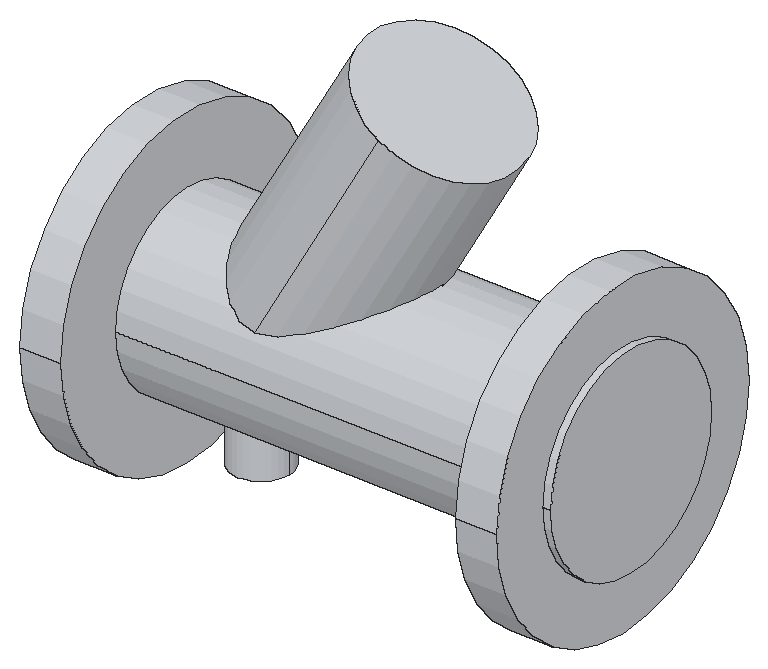
Revit family "HS 821-síto_jemné-PN16-DN065-RFA_2019", category Pipe Accessories, Revit 2019
Family settings
  Round Connector Dimension = Use Diameter
  Part Type = Breaks Into
  Work Plane-Based = No
  Always vertical = Yes
  Cut with Voids When Loaded = No
  Shared = No
Parameters (values of type "821A-DN065-PN16-síto_jemné")
  magiProductId = "235b1b3e4c0843779a4d5e3716d40a"
  magiProductFamilyId = "79214ac3aaa945e397802f559f5c1e"
  magiPartTypeId = 307
  isMeasuringValve [instance] = no
  ang2D [instance] = 0.00°
  ZB__ve = -ZB  # -29.75 mm
  ZB1 = 47.79 mm
  ZB = 29.75 mm
  X2 = 86.927 mm
  X1 = 40.6 mm
  W2D = 15 mm
  VersionID = "2.0/2017.9.26.1/ZETKAMA_821_001"
  Use Minimum Symbol Size [instance] = yes
  URL = "www.hydronix.cz"
  Type Comments = "Filtr přírubový; síto jemné; A-PN16 (-10~300°C); D-PN25 (-10~350°C); F-PN40 (-10~400°C)"
  S = 118 mm
  QmdConnectorList = "301;D;302;D"
  Productdata [instance] = ""
  Manufacturer = "Hydronix"
  MC Product Code = "210 165 (821A; DN065; PN16; kvs95,1; oko síta 0,63mm)"
  LM1 = 23.2 mm
  LM = 232 mm
  L4 = 72.5 mm
  L2D_Min = 3048 mm
  L2D = 130 mm
  L2 = 145 mm
  HH2 = 150.562 mm
  FD = 185 mm
  Description = "Filtr přírubový; síto jemné; 821A-PN16; 821D-PN25; 821F-PN40"
  DM1 = 94.2 mm
  DM = 106.2 mm
  D = 65 mm
  CC = 4.93 mm
  CAT0 = yes
  C1 = 24.07 mm
  C = 29 mm
  BD = 33.453 mm
Types (40, lengths in mm): name | magiProductId | ZB__ve | ZB1 | ZB | X2 | X1 | S | MC Product Code | LM1 | LM | L4 | L2 | HH2 | FD | DM1 | DM | D | CC | C1 | C | BD
  821A-DN015-PN16-síto_jemné | "a71bcfe8b393460598b23e8ddf7dc5" | -16.25 | 18.63 | 16.25 | 46.982 | 18.2 | 46 | "210 115 (821A; DN015; PN16; kvs6,2; oko síta 0,63mm)" | 10.4 | 104 | 32.5 | 65 | 81.375 | 95 | 27.6 | 41.4 | 15 | 2.21 | 10.79 | 13 | 13.041
  821A-DN020-PN16-síto_jemné | "41cd6c7a12924f4991217528336076" | -17.75 | 22.68 | 17.75 | 51.673 | 21 | 56 | "210 120 (821A; DN020; PN16; kvs9,6; oko síta 0,63mm)" | 12 | 120 | 37.5 | 75 | 89.5 | 105 | 33.6 | 50.4 | 20 | 2.55 | 12.45 | 15 | 15.876
  821A-DN025-PN16-síto_jemné | "be378b463ed14c3abf4c9b3ae8cf3a" | -19.25 | 26.325 | 19.25 | 58.601 | 22.4 | 65 | "210 125 (821A; DN025; PN16; kvs14,2; oko síta 0,63mm)" | 12.8 | 128 | 40 | 80 | 101.5 | 115 | 43.2 | 58.5 | 25 | 2.72 | 13.28 | 16 | 18.427
  821A-DN032-PN16-síto_jemné | "227a0d18b21540afabe8b6067d35fa" | -23 | 30.78 | 23 | 68.849 | 25.2 | 76 | "210 132 (821A; DN032; PN16; kvs23,1; oko síta 0,63mm)" | 14.4 | 144 | 45 | 90 | 119.25 | 140 | 50.4 | 68.4 | 32 | 3.06 | 14.94 | 18 | 21.546
  821A-DN040-PN16-síto_jemné | "d106917c74724141a10440112d0102" | -24.5 | 34.02 | 24.5 | 75.777 | 28 | 84 | "210 140 (821A; DN040; PN16; kvs36,6; oko síta 0,63mm)" | 16 | 160 | 50 | 100 | 131.25 | 150 | 60 | 75.6 | 40 | 3.4 | 16.6 | 20 | 23.814
  821A-DN050-PN16-síto_jemné | "8255d456a09e4f6486734f5dd9171b" | -26.75 | 40.095 | 26.75 | 79.061 | 32.2 | 99 | "210 150 (821A; DN050 PN16; kvs53,7; oko síta 0,63mm)" | 18.4 | 184 | 57.5 | 115 | 136.938 | 165 | 73.8 | 89.1 | 50 | 3.91 | 19.09 | 23 | 28.066
  821A-DN065-PN16-síto_jemné | "235b1b3e4c0843779a4d5e3716d40a" | -29.75 | 47.79 | 29.75 | 86.927 | 40.6 | 118 | "210 165 (821A; DN065; PN16; kvs95,1; oko síta 0,63mm)" | 23.2 | 232 | 72.5 | 145 | 150.562 | 185 | 94.2 | 106.2 | 65 | 4.93 | 24.07 | 29 | 33.453
  821A-DN080-PN16-síto_jemné | "a067f7c5236348ed8c820d16df7214" | -32 | 53.46 | 32 | 104.753 | 43.4 | 132 | "210 180 (821A; DN080; PN16; kvs137,1; oko síta 0,63mm)" | 24.8 | 248 | 77.5 | 155 | 181.438 | 200 | 107.4 | 118.8 | 80 | 5.27 | 25.73 | 31 | 37.422
  821A-DN100-PN16-síto_jemné | "c49a648c2747461285837d643703cd" | -35 | 63.18 | 35 | 114.857 | 49 | 156 | "210 190 (821A; DN100; PN16; kvs206,4; oko síta 0,63mm)" | 28 | 280 | 87.5 | 175 | 198.937 | 220 | 131.4 | 140.4 | 100 | 5.95 | 29.05 | 35 | 44.226
  821A-DN125-PN16-síto_jemné | "bf68e728a163493cbd2a663b26ebdc" | -39.5 | 74.52 | 39.5 | 131.888 | 56 | 184 | "210 191 (821A; DN125; PN16; kvs268,8; oko síta 0,63mm)" | 32 | 320 | 100 | 200 | 228.438 | 250 | 165 | 165.6 | 125 | 6.8 | 33.2 | 40 | 52.164
  821A-DN150-PN16-síto_jemné | "2de770284b654863ae6bc865769dc5" | -44.75 | 85.455 | 44.75 | 155.885 | 67.2 | 211 | "210 192 (821A; DN150; PN16; kvs401,4; oko síta 0,63mm)" | 38.4 | 384 | 120 | 240 | 270 | 285 | 192 | 189.9 | 150 | 8.16 | 39.84 | 48 | 59.818
  821A-DN200-PN16-síto_jemné | "8e5693371ab64aabb29a7f08c76e15" | -53 | 107.73 | 53 | 188.361 | 84 | 266 | "210 193 (821A; DN200; PN16; kvs706,7; oko síta 0,63mm)" | 48 | 480 | 150 | 300 | 326.25 | 340 | 252 | 239.4 | 200 | 10.2 | 49.8 | 60 | 75.411
  821A-DN250-PN16-síto_jemné | "05e37ed948c34047acdd4c42556504" | -62.75 | 129.195 | 62.75 | 255.911 | 102.2 | 319 | "210 194 (821A; DN250; PN16; kvs1229,4; oko síta 0,63mm)" | 58.4 | 584 | 182.5 | 365 | 443.25 | 405 | 309.6 | 287.1 | 250 | 12.41 | 60.59 | 73 | 90.436
  821A-DN300-PN16-síto_jemné | "9ad0af747269428da925480d83ce80" | -71 | 149.85 | 71 | 325.914 | 119 | 370 | "210 195 (821A; DN300; PN16; kvs1902,4; oko síta 0,63mm)" | 68 | 680 | 212.5 | 425 | 564.5 | 460 | 369.6 | 333 | 300 | 14.45 | 70.55 | 85 | 104.895
  821A-DN350-PN16-síto_jemné | "eebc71459bb3451bb4355e7951370a" | -80 | 173.745 | 80 | 356.875 | 137.2 | 429 | "200 196 (821A; DN350; PN16; kvs2611,0; oko síta 0,63mm)" | 78.4 | 784 | 245 | 490 | 618.125 | 520 | 438 | 386.1 | 350 | 16.66 | 81.34 | 98 | 121.621
  821A-DN400-PN16-síto_jemné | "d2f677cb196647e385b2590e7d8abe" | -89 | 194.4 | 89 | 392.237 | 154 | 480 | "210 197 (821A; DN400; PN16; kvs3438,4; oko síta 0,63mm)" | 88 | 880 | 275 | 550 | 679.375 | 580 | 498 | 432 | 400 | 18.7 | 91.3 | 110 | 136.08
  821D-DN015-PN25-síto_jemné | "27ddcbf555414f8ca1fde329bf9087" | -16.25 | 18.63 | 16.25 | 46.982 | 18.2 | 46 | "210 215 (821D; DN015; PN25; kvs6,2; oko síta 0,63mm)" | 10.4 | 104 | 32.5 | 65 | 81.375 | 95 | 27.6 | 41.4 | 15 | 2.21 | 10.79 | 13 | 13.041
  821D-DN020-PN25-síto_jemné | "270e0f14012f47189cd0235c18faee" | -17.75 | 22.68 | 17.75 | 51.673 | 21 | 56 | "210 220 (821D; DN020; PN25; kvs9,6; oko síta 0,63mm)" | 12 | 120 | 37.5 | 75 | 89.5 | 105 | 33.6 | 50.4 | 20 | 2.55 | 12.45 | 15 | 15.876
  821D-DN025-PN25-síto_jemné | "b9a7fb4aa36643878c637d8e1ab992" | -19.25 | 26.325 | 19.25 | 58.601 | 22.4 | 65 | "210 225 (821D; DN025; PN25; kvs14,2; oko síta 0,63mm)" | 12.8 | 128 | 40 | 80 | 101.5 | 115 | 43.2 | 58.5 | 25 | 2.72 | 13.28 | 16 | 18.427
  821D-DN032-PN25-síto_jemné | "6be9a55c4e68400f94eec7e804204c" | -23 | 30.78 | 23 | 68.849 | 25.2 | 76 | "210 232 (821D; DN032; PN25; kvs23,1; oko síta 0,63mm)" | 14.4 | 144 | 45 | 90 | 119.25 | 140 | 50.4 | 68.4 | 32 | 3.06 | 14.94 | 18 | 21.546
  821D-DN040-PN25-síto_jemné | "c54511bd7f584ec2984291479612cb" | -24.5 | 34.02 | 24.5 | 75.777 | 28 | 84 | "210 240 (821D; DN040; PN25; kvs36,6; oko síta 0,63mm)" | 16 | 160 | 50 | 100 | 131.25 | 150 | 60 | 75.6 | 40 | 3.4 | 16.6 | 20 | 23.814
  821D-DN050-PN25-síto_jemné | "5483b1f596b04cd39b23a14a22c90e" | -26.75 | 40.095 | 26.75 | 79.061 | 32.2 | 99 | "210 250 (821D; DN050; PN25; kvs53,7; oko síta 0,63mm)" | 18.4 | 184 | 57.5 | 115 | 136.938 | 165 | 73.8 | 89.1 | 50 | 3.91 | 19.09 | 23 | 28.066
  821D-DN065-PN25-síto_jemné | "767b0f8318e94750bc7a9930ed5b30" | -29.75 | 47.79 | 29.75 | 86.927 | 40.6 | 118 | "210 265 (821D; DN065; PN25; kvs95,1; oko síta 0,63mm)" | 23.2 | 232 | 72.5 | 145 | 150.562 | 185 | 94.2 | 106.2 | 65 | 4.93 | 24.07 | 29 | 33.453
  821D-DN080-PN25-síto_jemné | "e21040fa3cc2404b858198f6b73709" | -32 | 53.46 | 32 | 104.753 | 43.4 | 132 | "210 280 (821D; DN080; PN25; kvs137,1; oko síta 0,63mm)" | 24.8 | 248 | 77.5 | 155 | 181.438 | 200 | 107.4 | 118.8 | 80 | 5.27 | 25.73 | 31 | 37.422
  821D-DN100-PN25-síto_jemné | "175ca87a506b40b3bc6b82f12f33cf" | -37.25 | 63.18 | 37.25 | 114.857 | 49 | 156 | "210 290 (821D; DN100; PN25; kvs206,4; oko síta 0,63mm)" | 28 | 280 | 87.5 | 175 | 198.937 | 235 | 131.4 | 140.4 | 100 | 5.95 | 29.05 | 35 | 44.226
  821D-DN125-PN25-síto_jemné | "77cc98d60da24855999a22dff726b2" | -42.5 | 74.52 | 42.5 | 131.888 | 56 | 184 | "210 291 (821D; DN125; PN25; kvs268,8; oko síta 0,63mm)" | 32 | 320 | 100 | 200 | 228.438 | 270 | 165 | 165.6 | 125 | 6.8 | 33.2 | 40 | 52.164
  821D-DN150-PN25-síto_jemné | "9cf8acfcd15547d68e83172d3abcbe" | -47 | 85.455 | 47 | 155.885 | 67.2 | 211 | "210 292 (821D; DN150; PN25; kvs401,4; oko síta 0,63mm)" | 38.4 | 384 | 120 | 240 | 270 | 300 | 192 | 189.9 | 150 | 8.16 | 39.84 | 48 | 59.818
  821D-DN200-PN25-síto_jemné | "16973f3c9ea14389ba8602495a6b64" | -56 | 110.97 | 56 | 188.361 | 84 | 274 | "210 293 (821D; DN200; PN25; kvs706,7; oko síta 0,63mm)" | 48 | 480 | 150 | 300 | 326.25 | 360 | 252 | 246.6 | 200 | 10.2 | 49.8 | 60 | 77.679
  821F-DN015-PN40-síto_jemné | "4c7eaf3c4c0340888b3e684d8a8616" | -16.25 | 18.225 | 16.25 | 46.982 | 18.2 | 45 | "250 615 (821F; DN015; PN40; kvs6,2; oko síta 0,63mm)" | 10.4 | 104 | 32.5 | 65 | 81.375 | 95 | 27.6 | 40.5 | 15 | 2.21 | 10.79 | 13 | 12.757
  821F-DN020-PN40-síto_jemné | "aaac5f1ec96b44d6ba96ac2293d66d" | -17.75 | 23.49 | 17.75 | 51.673 | 21 | 58 | "250 620 (821F; DN020; PN40; kvs9,6; oko síta 0,63mm)" | 12 | 120 | 37.5 | 75 | 89.5 | 105 | 33.6 | 52.2 | 20 | 2.55 | 12.45 | 15 | 16.443
  821F-DN025-PN40-síto_jemné | "504768023968471481789485b54c7e" | -19.25 | 27.54 | 19.25 | 58.601 | 22.4 | 68 | "250 625 (821F; DN025; PN40; kvs14,2; oko síta 0,63mm)" | 12.8 | 128 | 40 | 80 | 101.5 | 115 | 43.2 | 61.2 | 25 | 2.72 | 13.28 | 16 | 19.278
  821F-DN032-PN40-síto_jemné | "165e7f39cf744f329bdf1c400dad12" | -23 | 31.59 | 23 | 68.849 | 25.2 | 78 | "250 632 (821F; DN032; PN40; kvs23,1; oko síta 0,63mm)" | 14.4 | 144 | 45 | 90 | 119.25 | 140 | 50.4 | 70.2 | 32 | 3.06 | 14.94 | 18 | 22.113
  821F-DN040-PN40-síto_jemné | "b8903f952089408fbf3a5a632bab1f" | -24.5 | 35.64 | 24.5 | 75.777 | 28 | 88 | "250 640 (821F; DN040; PN40; kvs36,6; oko síta 0,63mm)" | 16 | 160 | 50 | 100 | 131.25 | 150 | 60 | 79.2 | 40 | 3.4 | 16.6 | 20 | 24.948
  821F-DN050-PN40-síto_jemné | "c451f97266fe48da8f879cb6a2bd44" | -26.75 | 41.31 | 26.75 | 79.061 | 32.2 | 102 | "250 650 (821F; DN050; PN40; kvs53,7; oko síta 0,63mm)" | 18.4 | 184 | 57.5 | 115 | 136.938 | 165 | 73.8 | 91.8 | 50 | 3.91 | 19.09 | 23 | 28.917
  821F-DN065-PN40-síto_jemné | "dc9821e3f9b34e128f6a8c6b34c198" | -29.75 | 49.41 | 29.75 | 86.927 | 40.6 | 122 | "250 665 (821F; DN065; PN40; kvs95,1; oko síta 0,63mm)" | 23.2 | 232 | 72.5 | 145 | 150.562 | 185 | 94.2 | 109.8 | 65 | 4.93 | 24.07 | 29 | 34.587
  821F-DN080-PN40-síto_jemné | "689aa1e260f84cf4994f027a1d86b5" | -32 | 55.89 | 32 | 104.753 | 43.4 | 138 | "250 680 (821F; DN080; PN40; kvs137,1; oko síta 0,63mm)" | 24.8 | 248 | 77.5 | 155 | 181.438 | 200 | 107.4 | 124.2 | 80 | 5.27 | 25.73 | 31 | 39.123
  821F-DN100-PN40-síto_jemné | "8a45d4e8e2ab425f8c432f21d684f3" | -37.25 | 65.61 | 37.25 | 114.857 | 49 | 162 | "250 690 (821F; DN100; PN40; kvs206,4; oko síta 0,63mm)" | 28 | 280 | 87.5 | 175 | 198.937 | 235 | 131.4 | 145.8 | 100 | 5.95 | 29.05 | 35 | 45.927
  821F-DN125-PN40-síto_jemné | "cf073904c006406b8645afa67ea2fc" | -42.5 | 76.14 | 42.5 | 131.888 | 56 | 188 | "250 691 (821F; DN125; PN40; kvs268,8; oko síta 0,63mm)" | 32 | 320 | 100 | 200 | 228.438 | 270 | 165 | 169.2 | 125 | 6.8 | 33.2 | 40 | 53.298
  821F-DN150-PN40-síto_jemné | "0153b9ddabe14992a630484929fdbc" | -47 | 88.29 | 47 | 155.885 | 67.2 | 218 | "250 692 (821F; DN150; PN40; kvs401,4; oko síta 0,63mm)" | 38.4 | 384 | 120 | 240 | 270 | 300 | 192 | 196.2 | 150 | 8.16 | 39.84 | 48 | 61.803
  821F-DN200-PN40-síto_jemné | "7fb3fc01dd8d42428c203e3f8dd4d5" | -56 | 115.425 | 56 | 188.361 | 84 | 285 | "250 693 (821F; DN200; PN40; kvs706,7; oko síta 0,63mm)" | 48 | 480 | 150 | 300 | 326.25 | 360 | 252 | 256.5 | 200 | 10.2 | 49.8 | 60 | 80.797
Reference planes
  plane 1 "Center (Front/Back)": y = 0
  plane 2 "XYPLANE": z = 0
  plane 3 "Center (Left/Right)": x = 0
  plane 4 "109": x = -92.8
  plane 5 "108": x = 116
  plane 6 "107": x = -116
  plane 7 "105": x = 145
  plane 8 "104": x = -145
  plane 9 "103": y = 0
  plane 10 "102": z = 0
  plane 11 "101": x = -140.07
  plane 12 "100": x = 140.07
  plane 13 "11": x = -52.2
  plane 14 "10": z = 150.562
  plane 15 "9": x = 34.727
  plane 16 "5": z = -47.79
  plane 17 "4": x = -72.5
  plane 18 "1": x = 72.5
Forms (mm)
  Extrusion 1, solid, visible <- "CAT0"
    sketch origin (-116, -750, 0) x (0, 1, 0) y (0, 0, 1)
      loop
        circle (750, 0) r 53.1
    from 0 to 232 <- "LM"
  Extrusion 2, solid
    sketch origin (-145, -750, 0) x (0, 1, 0) y (0, 0, 1)
      loop
        circle (750, 0) r 59
    from 0 to 4.93 <- "CC"
  Extrusion 3, solid
    sketch origin (-140.07, -750, 0) x (0, 1, 0) y (0, 0, 1)
      loop
        circle (750, 0) r 92.5
    from 0 to 24.07 <- "C1"
  Extrusion 4, solid
    sketch origin (116, -750, 0) x (0, 1, 0) y (0, 0, 1)
      loop
        circle (750, 0) r 92.5
    from 0 to 24.07 <- "C1"
  Extrusion 5, solid
    sketch origin (140.07, -750, 0) x (0, 1, 0) y (0, 0, 1)
      loop
        circle (750, 0) r 59
    from 0 to 4.93 <- "CC"
  Sweep 6, solid, visible <- "CAT0"
    path origin (750, 0, 0) x (-1, 0, 0) y (0, 0, 1)
      loop
        line (866, 0) -> (802.2, 0) -> (715.273, 150.562)
    profile origin (-116, 0, 0) x (0, 0, -1) y (0, 1, 0)
      loop
        circle (0, 0) r 47.1
  Extrusion 7, solid, visible <- "CAT0"
    sketch origin (-750, 0, -47.79) x (1, 0, 0) y (0, 1, 0)
      loop
        circle (677.5, 0) r 16.726
    from 0 to -29.75 <- "ZB__ve"
  Extrusion 8, solid, visible <- "CAT0"
    sketch origin (-750, 0, -47.79) x (1, 0, 0) y (0, 1, 0)
      loop
        circle (822.5, 0) r 16.726
    from 0 to -29.75 <- "ZB__ve"
  Extrusion 9, solid, not visible
    sketch origin (145, -750, 0) x (0, 1, 0) y (0, 0, 1)
      loop
        circle (750, 0) r 10
    from 0 to -10
  Extrusion 10, solid, not visible
    sketch origin (-145, -750, 0) x (0, 1, 0) y (0, 0, 1)
      loop
        circle (750, 0) r 10
    from 0 to 10
Lines and regions (mm)
  reference lines, not visible
    curve 1: circle (2, 2, 0) r 1 normal (0, 0, 1)
Dimensions and locks
  plane 1 "Center (Front/Back)" to curve 1 = 2 mm
  "LM1": plane 6 "107" to plane 4 "109"
  "LM": plane 6 "107" to plane 5 "108"
  "C": plane 8 "104" to plane 6 "107"
  "L2": plane 3 "Center (Left/Right)" to plane 7 "105"
  "L2": plane 3 "Center (Left/Right)" to plane 8 "104"
  locked: plane 1 "Center (Front/Back)" to plane 9 "103"
  locked: plane 2 "XYPLANE" to plane 10 "102"
  "CC": plane 8 "104" to plane 11 "101"
  "C1": plane 5 "108" to plane 12 "100"
  "X1": plane 4 "109" to plane 13 "11"
  "HH2": plane 2 "XYPLANE" to plane 14 "10"
  "X2": plane 13 "11" to plane 15 "9"
  "ZB1": plane 2 "XYPLANE" to plane 16 "5"
  "L4": plane 8 "104" to plane 17 "4"
  "L2": plane 17 "4" to plane 18 "1"
  Sweep 6 sketch curve to Sweep 6 sketch curve = 0 mm  (x2)
  "DM": diameter of Extrusion 1 sketch curve
  "S": diameter of Extrusion 2 sketch curve
  "FD": diameter of Extrusion 3 sketch curve
  "FD": diameter of Extrusion 4 sketch curve
  "S": diameter of Extrusion 5 sketch curve
  "DM1": diameter of Sweep 6 sketch curve
  "BD": diameter of Extrusion 7 sketch curve
  "BD": diameter of Extrusion 8 sketch curve
  aligned and locked: level to plane 2 "XYPLANE"
  aligned and locked: Extrusion 1 sketch curve to plane 9 "103"
  aligned and locked: plane 10 "102" to Extrusion 1 sketch curve
  aligned and locked: Extrusion 2 sketch curve to plane 9 "103"
  aligned and locked: plane 10 "102" to Extrusion 2 sketch curve
  aligned and locked: Extrusion 3 sketch curve to plane 9 "103"
  aligned and locked: plane 10 "102" to Extrusion 3 sketch curve
  aligned and locked: Extrusion 4 sketch curve to plane 9 "103"
  aligned and locked: plane 10 "102" to Extrusion 4 sketch curve
  aligned and locked: Extrusion 5 sketch curve to plane 9 "103"
  aligned and locked: plane 10 "102" to Extrusion 5 sketch curve
  aligned and locked: Sweep 6 sketch curve to plane 9 "103"
  aligned and locked: plane 10 "102" to Sweep 6 sketch curve  (x3)
  aligned and locked: plane 6 "107" to Sweep 6 sketch curve
  aligned and locked: plane 13 "11" to Sweep 6 sketch curve
  aligned and locked: plane 14 "10" to Sweep 6 sketch curve
  aligned and locked: plane 15 "9" to Sweep 6 sketch curve
  aligned and locked: plane 9 "103" to Extrusion 7 sketch curve
  aligned and locked: plane 17 "4" to Extrusion 7 sketch curve
  aligned and locked: plane 9 "103" to Extrusion 8 sketch curve
  aligned and locked: plane 18 "1" to Extrusion 8 sketch curve
  aligned and locked: Extrusion 9 sketch curve to plane 9 "103"
  aligned and locked: plane 10 "102" to Extrusion 9 sketch curve
  aligned and locked: Extrusion 10 sketch curve to plane 9 "103"
  aligned and locked: plane 10 "102" to Extrusion 10 sketch curve
Automatic sketch dimensions
  plane 1 "Center (Front/Back)" to Extrusion 9 sketch curve = 10 mm
  plane 1 "Center (Front/Back)" to Extrusion 10 sketch curve = 10 mm
  plane 3 "Center (Left/Right)" to curve 1 = 2 mm
  radius of curve 1 = 1 mm
Connectors
  piping at (-145, 0, 0), diameter 65, driven by "D"
    settings: on Extrusion 10, index 1, connector inside diameter 609.6 mm, connector length 0 mm, flow factor 0, pipe flow 0.0 L/s, pressure drop 0.0 Pa, fitting loss kfactor 0, connector angle 0.00°, fixture units 0, engagement length 0 mm, angle of deflection 0.00°, flow configuration 0, flow direction 0, fitting loss method 0, system type 29, joint type 0, gender type 0, connector reference index 2, connector utility 0, adjustable connector no, is connector primary yes, connector description ""
  piping at (145, 0, 0), diameter 65, driven by "D"
    settings: on Extrusion 9, index 2, connector inside diameter 609.6 mm, connector length 0 mm, flow factor 0, pipe flow 0.0 L/s, pressure drop 0.0 Pa, fitting loss kfactor 0, connector angle 0.00°, fixture units 0, engagement length 0 mm, angle of deflection 0.00°, flow configuration 0, flow direction 0, fitting loss method 0, system type 29, joint type 0, gender type 0, connector reference index 1, connector utility 0, adjustable connector no, is connector primary no, connector description ""
